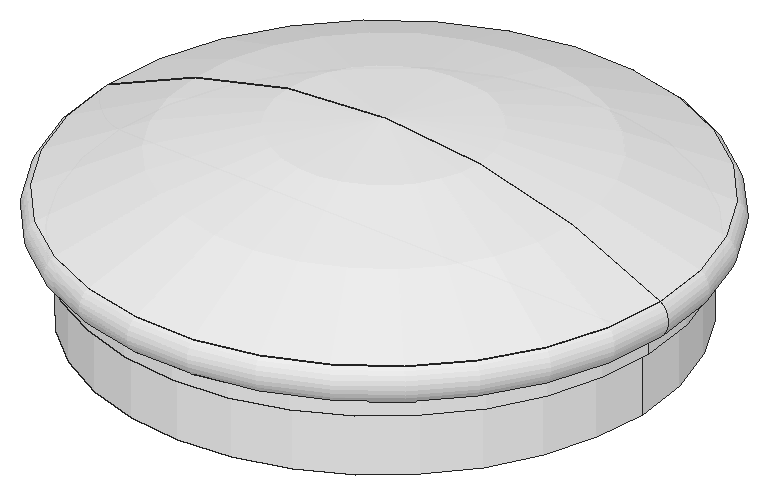
Revit family "3089109 Feilo Sylvania Lighting Fixture CLIO 430 LED NW MW", category Lighting Fixtures, host Face, Revit 2017
Family settings
  Host = Face
  Round Connector Dimension = Use Diameter
  Part Type = Normal
  OmniClass Number = 23.80.70.11.17
  OmniClass Title = Specialized Lighting by Location or Use
  Cut with Voids When Loaded = No
  Light Source = Yes
  Shared = No
  Room Calculation Point = No
Parameters (values of type "3089109 CLIO 430 LED NW MW")
  Weight = "1.75 kg"
  Wattage = 26 W
  WarrantyStartDate [instance] = "n/a"
  WarrantyGuarantorParts = "n/a"
  WarrantyDurationUnit = "n/a"
  WarrantyDurationParts = "n/a"
  WarrantyDescription = "n/a"
  built-in parameter 1150110 = 1 (stored number, unit not read)
  Voltage = 230 V
  URL = "http://www.sylvania-lighting.com"
  TypeName = "CLIO 430 LED NW MW"
  built-in parameter 1114217 = 1 (stored number, unit not read)
  Tilt Angle = -90.00°
  built-in parameter 1150109 = 1 (stored number, unit not read)
  built-in parameter 1150134 = 12
  built-in parameter 1150113 = 1 (stored number, unit not read)
  SerialNumber [instance] = "n/a"
  Radius_FEILO = 215.00 mm
  PowerFactor = 0
  PowerConsumption = "26 W"
  Photometry Comments = ""
  Photometric Web File = "3089109.ies"
  NominalWidth = 0.00 mm
  NominalLength = 430.00 mm
  NominalHeight = 134.50 mm
  Name = "CLIO 430 LED NW MW"
  ModelReference = "CLIO 430 LED NW MW"
  ModelNumber = "3089109"
  Material_4_FEILO = none
  Material_3_FEILO = none
  Material_2_FEILO = Acrylic Glass_Sylvania_Clio LED_White
  Material_1_FEILO = Polycarbonate_Sylvania_Clio LED_White
  Material = "n/a"
  ManufacturerName = "Feilo Sylvania"
  LuminousEfficacy = "84.61 lm/W"
  LuminaireType = ""
  LightOutputRatio = "n/a"
  LampsType = Lamp  # "20W"
  LampNominalLuminous = "2200 lm"
  LampMacAdamStep = "n/a"
  LampColourTemperature = "4000 K"
  LampColourRenderingIndex = "80"
  Keynote = "16500"
  InstallationDate [instance] = "n/a"
  InputVoltage = "220-240V~"
  InputNominalFrequency = "50/60 Hz"
  IngressProtection = "IP44"
  ImpactProtectionIndex = "IK06"
  IfcExportType = "IfcLightFixtureType"
  IfcExportAs = "IfcLightFixtureType"
  Height_FEILO = 132.00 mm
  ExpectedLife = 50000
  ElectricShockClassification = "Class II"
  DurationUnit = "hours"
  DocumentationLiterature = "http://www.sylvania-lighting.com/product/en-int/products/3089109"
  DimmingControlOptions = "n/a"
  Diameter_FEILO = Radius_FEILO * 2  # 430.00 mm
  CreatedOn = "2/7/2018"
  CreatedBy = ""
  built-in parameter 1114216 [instance] = 1 (stored number, unit not read)
  Model = "CLIO 430 LED NW MW"
  Manufacturer = "Feilo Sylvania"
  built-in parameter 1150105 = 708.74 (stored number, unit not read)
  Lumens = 2200 lm
  built-in parameter 1150115 = 1 (stored number, unit not read)
  built-in parameter 1150137 = (empty or 0)
  built-in parameter 1150139 = (empty or 0)
  built-in parameter 1150112 = 1 (stored number, unit not read)
  built-in parameter 1150114 = 1 (stored number, unit not read)
  Lamp = "20W"  # constant formula
  built-in parameter 1150132 = 2
  built-in parameter 1150102 = (empty or 0)
  built-in parameter 1150107 = 4000 (stored number, unit not read)
  built-in parameter 1150138 = (empty or 0)
  built-in parameter 1150106 = 7.0874 (stored number, unit not read)
  built-in parameter 1150104 = 7.861 (stored number, unit not read)
  Dimming Lamp Color Temperature Shift = <None>
  Description = "Large ambient bulkhead luminaire with indirect halo effect, loop in/loop out wiring, surface or rear cable entry, integral on/off microwave sensor for further energy savings, white polycarbonate housing with opal diffuser, 2163lm, 26W, 83lm/W, 4000K, 640mA, 80CRI, non-dimmable, IP44, IK06, 40,000 hours (L70), Ø430x132mm, 5 SDCM, 1.7kg, Class II, 220-240V, Energy class A++ (integrated LED)"
  Default Elevation = 0.00 mm
  Color Filter = 16777215
  built-in parameter 1140040 [instance] = 1
  BarCode [instance] = "n/a"
  built-in parameter 1114218 = 1 (stored number, unit not read)
  built-in parameter 1150133 = 10 (stored number, unit not read)
  AssetType = "Fixed"
  AssetIdentifier [instance] = "n/a"
  Assembly Code = "D5020200"
  Apparent Load Comments = ""
  Apparent Load = 26 VA
Reference planes
  plane 1 "Center (Front/Back)": y = 0
  plane 2: z = 0
  plane 3 "Center (Left/Right)": x = 0
  plane 4 "Fixture Bottom": z = 132
  plane 5 "Fixture Right": x = 215
  plane 6 "Fixture Left": x = -215
  plane 7: z = 42.75
  plane 8: z = 54
  plane 9: x = 195
  plane 10: x = 200
  plane 11: x = -195
  plane 12: x = -200
  plane 13: x = 209
  plane 14: x = -209
  plane 15: z = 81.25
Forms (mm)
  Revolve 1, solid, material "Polycarbonate_Sylvania_Clio LED_White" <- "Material_1_FEILO"
    sketch origin (0, 0, 0) x (1, 0, 0) y (0, 0, 1)
      loop
        line (0, 0) -> (195, 0) -> (195, 42.75) -> (200, 42.75) -> (200, 54) -> (0, 54) -> (0, 0)
      axis (0, 54) -> (0, 0)
    angle from 0 to 360
  Revolve 2, solid, material "Acrylic Glass_Sylvania_Clio LED_White" <- "Material_2_FEILO"
    sketch origin (0, 0, 0) x (1, 0, 0) y (0, 0, 1)
      loop
        arc (209, 81.25) -> (107.671, 119.683) -> (0, 132) r 437.011
        line (0, 132) -> (0, 54) -> (200, 54)
        arc (200, 54) -> (214.332, 64.378) -> (209, 81.25) r 15.119
      axis (0, 132) -> (0, 54)
    angle from 0 to 360
Dimensions and locks
  "Height_FEILO": plane 4 "Fixture Bottom" to plane 2
  equal spacing: plane 5 "Fixture Right", plane 3 "Center (Left/Right)", plane 6 "Fixture Left"
  "Diameter_FEILO": plane 5 "Fixture Right" to plane 6 "Fixture Left"
  locked: plane 5 "Fixture Right" to plane 10 at 15
  locked: plane 5 "Fixture Right" to plane 9 at 20
  locked: plane 5 "Fixture Right" to plane 13 at 6
  locked: plane 11 to plane 6 "Fixture Left" at 20
  locked: plane 12 to plane 6 "Fixture Left" at 15
  locked: plane 14 to plane 6 "Fixture Left" at 6
  locked: plane 4 "Fixture Bottom" to plane 15 at 50.75
  locked: plane 8 to plane 7 at 11.25
  locked: plane 15 to plane 8 at 27.25
  aligned and locked: host face to plane 2
  aligned and locked: level to host face
  aligned and locked: plane 3 "Center (Left/Right)" to Revolve 1 sketch curve
  aligned and locked: Revolve 1 sketch curve to plane 2
  aligned and locked: Revolve 1 sketch curve to plane 8
  aligned and locked: Revolve 1 sketch curve to plane 7
  aligned and locked: Revolve 1 sketch curve to plane 9
  aligned and locked: Revolve 1 sketch curve to plane 10
  aligned and locked: Revolve 2 sketch curve to plane 3 "Center (Left/Right)"
  aligned and locked: imposter light to plane 3 "Center (Left/Right)"
  aligned and locked: plane 4 "Fixture Bottom" to imposter light
  aligned and locked: plane 13 to Revolve 2 sketch curve
  aligned and locked: plane 15 to Revolve 2 sketch curve
  aligned and locked: Revolve 2 sketch curve to Revolve 1
  aligned and locked: imposter light to Revolve 2 sketch curve
Automatic sketch dimensions
  host sketch curve to host sketch curve = 1337.794 mm
  host sketch curve to host sketch curve = 1283.632 mm
  Revolve 1 sketch curve to plane 3 "Center (Left/Right)" = 0.00 mm
  Revolve 1 sketch curve to level = 55.00 mm
  Revolve 1 sketch curve to Revolve 1 sketch curve = 25.00 mm
  plane 10 to Revolve 2 sketch curve = 0.00 mm
  Revolve 2 sketch curve to plane 4 "Fixture Bottom" = 0.00 mm
  plane 3 "Center (Left/Right)" to Revolve 2 sketch curve = 4.551 mm
  plane 10 to Revolve 2 sketch curve = 0.025 mm
  Revolve 2 sketch curve to level = 45.00 mm
  Revolve 2 sketch curve to Revolve 2 sketch curve = 67.00 mm
Connectors
  electrical at (0, 0, 0), driven by "Apparent Load", driven by "Voltage", driven by "PowerFactor"
    settings: on Revolve 1, index 1, voltage 230 V, apparent load 0 VA, apparent load phase1 26 VA, apparent load phase2 0 VA, apparent load phase3 0 VA, power factor 0, load classification "Lighting", number of poles 1, system type 31, power factor state 1, is connector primary yes, connector utility no, sub classification motor no, connector description ""
